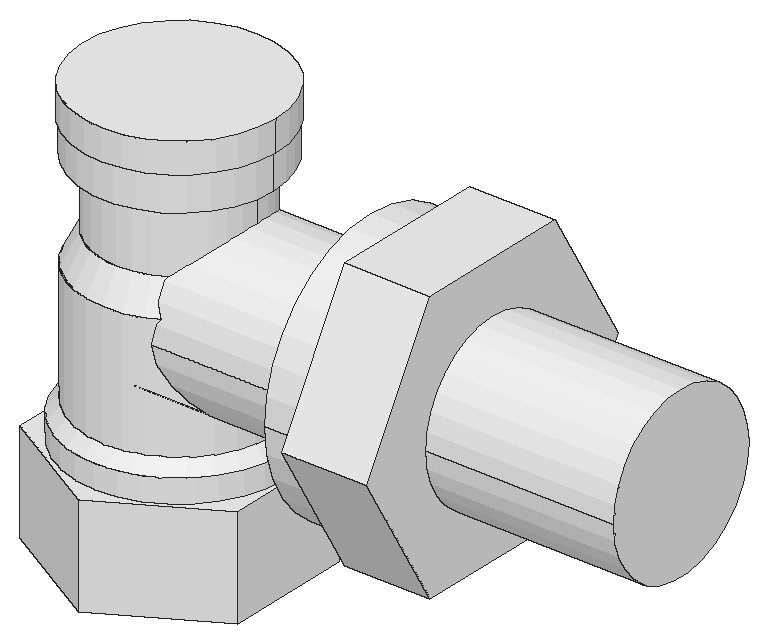
Revit family "1RLV-S_Angle_DN10-20_RFA", category Pipe Accessories, Revit 2019
Family settings
  Round Connector Dimension = Use Diameter
  Part Type = Valve - Breaks Into
  OmniClass Number = 23.65.55.14.17
  OmniClass Title = Adjusting/Controlling Valves for Liquid Services
  Work Plane-Based = No
  Always vertical = Yes
  Cut with Voids When Loaded = No
  Shared = No
Parameters (values of type "RLV-S_Angle_DN10_Internal_003L0121")
  self-sealing = if(and(V2 = 1.00 mm, LOD 350), 1 = 1, 1 = 0)  # no
  Weight = 0.13 kg
  WN2 = 15.59 mm
  WN1 = 12.53 mm
  W [instance] = 31.18 mm
  Valve Body Material = Danfoss Nickel Plated Brass
  URL = "https://store.danfoss.com/en/Climate-Solutions-for-heating/Radiator-Thermostats/Lockshield-Valves/Lockshield-valves/c/6169?q=%3Arelevance%3Adanfoss_producttypehierarchydesc%3ARLV-S%3Adanfoss_a223339155%3AA223_339155c03211b47bf5b5f35eba61e0fcb5e7bf%3Adanfoss_a50461501115_fts%3AA5046_150111582a2288245d249094b5396089516c12e&text="
  standard = if(and(V1 = 0.00 mm, LOD 350), 1 = 1, 1 = 0)  # yes
  SL = L1 + L2 + L6  # 31.20 mm
  R_200 = 12.50 mm
  RV_200 = 15.59 mm
  RV4 = 8.40 mm
  RV3 = 13.25 mm
  RV2 = 11.50 mm
  RV1 = 8.50 mm
  R2 = 9.40 mm
  R3_1 = 7.80 mm
  R3 = 9.40 mm
  R1 = 10.50 mm
  Pressure Drop [instance] = 0.0 Pa
  Model Type = "RLV-S_Angle_DN10_Internal"
  Model = "003L0121,003L0421"
  Max Operating Pressure = "10 bar"  # constant formula
  Max Medium Temperature = "120 °C"  # constant formula
  Manufacturer = "Danfoss"  # constant formula
  LOD 350 = not(LOD 200)  # yes
  LOD 200 = no
  L6 = 8.50 mm
  L4 = L1 + L3  # 19.10 mm
  L5 = 3.60 mm
  L3 = 2.10 mm
  L2 = 5.70 mm
  L1 = 17.00 mm
  Length = 50.00 mm
  L [instance] = 60.851 mm
  Kvs = 1.5 m³/h
  IfcExportType = "RLV-S"  # constant formula
  IfcExportAs = "IfcValveType"  # constant formula
  HT6 = HT4 + HT5  # 6.50 mm
  HT5 = 3.00 mm
  HT3 = 3.00 mm
  HT2 = 2.30 mm
  HT4 = 3.50 mm
  HB4 = 3.60 mm
  HB3 = 2.30 mm
  HB = 7.00 mm
  HB1 = 23.50 mm
  HB2 = 10.00 mm
  HT1 = 11.90 mm
  H [instance] = 41.90 mm
  Flow [instance] = 0.0 m³/h
  Description = "Lockshield Valve"  # constant formula
  DT2 = 19.30 mm
  DT = 18.90 mm
  W_Nut2 = WN2 * cos(30.00°)  # 13.501 mm
  W_Nut1 = WN1 * cos(30.00°)  # 10.851 mm
  V2 = 0.00 mm
  V1 = 0.00 mm
  D = 10.00 mm
  Connection = "Internal thread"  # constant formula
Types (6, lengths in mm): name | self-sealing | Weight | WN2 | WN1 | W | standard | SL | R_200 | RV_200 | RV4 | RV3 | RV2 | RV1 | R2 | R3_1 | R3 | R1 | Model Type | Model | L6 | L4 | L5 | L3 | L2 | L1 | Length | L | Kvs | HT3 | HT2 | HB4 | HB3 | HB | HB1 | HB2 | HT1 | H | DT2 | DT | W_Nut2 | W_Nut1 | V2 | V1 | D
  RLV-S_Angle_DN10_Internal_003L0121 | no | 0.13 kg | 15.59 | 12.53 | 31.18 | yes | 31.20 | 12.50 | 15.59 | 8.40 | 13.25 | 11.50 | 8.50 | 9.40 | 7.80 | 9.40 | 10.50 | "RLV-S_Angle_DN10_Internal" | "003L0121,003L0421" | 8.50 | 19.10 | 3.60 | 2.10 | 5.70 | 17.00 | 50.00 | 60.851 | 1.5 m³/h | 3.00 | 2.30 | 3.60 | 2.30 | 7.00 | 23.50 | 10.00 | 11.90 | 41.90 | 19.30 | 18.90 | 13.501 | 10.851 | 0.00 | 0.00 | 10.00
  RLV-S_Angle_DN15_Internal_003L0123 | no | 0.18 kg | 17.32 | 15.42 | 34.64 | yes | 36.30 | 15.50 | 17.30 | 10.50 | 14.80 | 13.10 | 10.60 | 9.50 | 9.50 | 9.50 | 12.50 | "RLV-S_Angle_DN15_Internal" | "003L0123,003L0423" | 10.00 | 22.60 | 3.70 | 3.00 | 6.70 | 19.60 | 57.50 | 70.854 | 2.2 m³/h | 3.00 | 14.50 | 9.40 | 6.10 | 8.00 | 27.50 | 10.70 | 18.70 | 52.70 | 22.40 | 22.00 | 15.00 | 13.354 | 0.00 | 0.00 | 15.00
  RLV-S_Angle_DN20_Internal_003L0125 | no | 0.27 kg | 21.21 | 18.30 | 42.42 | yes | 43.40 | 18.30 | 21.30 | 13.15 | 18.10 | 16.30 | 10.25 | 10.75 | 9.25 | 10.75 | 15.75 | "RLV-S_Angle_DN20_Internal" | "003L0125" | 14.00 | 25.40 | 4.00 | 5.00 | 9.00 | 20.40 | 65.90 | 81.748 | 2.2 m³/h | 2.50 | 6.00 | 14.75 | 6.00 | 7.00 | 30.50 | 11.50 | 14.30 | 51.30 | 22.40 | 22.00 | 18.368 | 15.848 | 0.00 | 0.00 | 20.00
  RLV-S_Angle_DN15_Internal_Metric thread_013G6297 | no | 0.20 kg | 17.15 | 15.42 | 34.30 | no | 37.00 | 15.50 | 17.10 | 10.50 | 13.10 | 12.50 | 10.25 | 10.40 | 9.25 | 10.40 | 13.25 | "RLV-S_Angle_DN15_Internal_Metric thread" | "013G6297" | 15.00 | 22.00 | 1.00 | 2.40 | 2.40 | 19.60 | 59.00 | 72.354 | 3.24 m³/h | 3.00 | 6.639 | 8.40 | 5.50 | 8.00 | 27.50 | 10.70 | 18.40 | 52.40 | 22.40 | 22.00 | 14.852 | 13.354 | 0.00 | 1.00 | 15.00
  RLV-S_Angle_DN10_Internal_Metric thread_013G6291 | no | 0.13 kg | 15.59 | 12.53 | 31.18 | no | 32.50 | 12.50 | 15.59 | 8.40 | 13.25 | 11.20 | 8.50 | 9.40 | 8.00 | 9.40 | 10.50 | "RLV-S_Angle_DN10_Internal_Metric thread" | "013G6291" | 13.50 | 19.00 | 3.60 | 2.00 | 2.00 | 17.00 | 50.50 | 61.351 | 1.92 m³/h | 1.60 | 1.50 | 2.60 | 1.00 | 7.00 | 23.50 | 11.70 | 11.60 | 41.60 | 19.30 | 18.90 | 13.501 | 10.851 | 0.00 | 1.00 | 10.00
  RLV-S_Angle_DN15_Internal_Self-sealing_003L0345 | yes | 0.21 kg | 17.32 | 15.42 | 34.64 | yes | 37.10 | 15.50 | 17.30 | 10.65 | 14.80 | 12.80 | 10.25 | 10.40 | 9.25 | 10.40 | 13.25 | "RLV-S_Angle_DN15_Internal_Self-sealing" | "003L0345" | 10.00 | 23.00 | 4.10 | 3.40 | 7.50 | 19.60 | 57.50 | 70.854 | 2.2 m³/h | 2.50 | 6.64 | 8.40 | 5.50 | 8.00 | 27.50 | 10.70 | 18.40 | 52.40 | 22.40 | 22.00 | 15.00 | 13.354 | 1.00 | 0.00 | 15.00
Reference planes
  plane 1 "Center (Front/Back)": y = 0
  plane 2 "XYPLANE": z = 0
  plane 3 "Center (Left/Right)": x = 0
  plane 4 "40": x = 50
  plane 5 "39": z = 0
  plane 6 "38": y = 0
  plane 7 "37": x = 0
  plane 8 "36": z = -23.5
  plane 9 "34": z = 11.9
  plane 10: z = -13.5
  plane 11: x = 17
  plane 12: x = 22.7
  plane 13: x = 31.2
  plane 14: z = 15.4
  plane 15: z = 2.3
  plane 16: z = 5.3
  plane 17: x = 19.1
Forms (mm)
  Extrusion 1, solid, material "Danfoss Nickel Plated Brass" <- "Valve Body Material", visible <- "LOD 350", detail levels fine
    sketch origin (50, -750, 0) x (0, 1, 0) y (0, 0, 1)
      loop
        line (734.41, 0) -> (742.205, -13.501) -> (757.795, -13.501) -> (765.59, 0) -> (757.795, 13.501) -> (742.205, 13.501) -> (734.41, 0)
    from -18.8 to -27.3
  Extrusion 2, solid, material "Danfoss Nickel Plated Brass" <- "Valve Body Material", visible <- "LOD 350", detail levels fine
    sketch origin (42, -750, 0) x (0, 1, 0) y (0, 0, 1)
      loop
        circle (750, 0) r 8.5
    from -25 to -42
  Extrusion 3, solid, material "Danfoss Nickel Plated Brass" <- "Valve Body Material", visible <- "LOD 350", detail levels fine
    sketch origin (-750, 0, 0) x (1, 0, 0) y (0, 1, 0)
      loop
        circle (750, 0) r 9.4
    from 2.3 to -13.5
  Extrusion 4, solid, material "Danfoss Nickel Plated Brass" <- "Valve Body Material", visible <- "LOD 350", detail levels fine
    sketch origin (-750, 0, -23.5) x (1, 0, 0) y (0, 1, 0)
      loop
        line (750, -12.53) -> (760.851, -6.265) -> (760.851, 6.265) -> (750, 12.53) -> (739.149, 6.265) -> (739.149, -6.265) -> (750, -12.53)
    from 0 to 10 <- "HB2"
  Extrusion 5, solid, material "Danfoss Nickel Plated Brass" <- "Valve Body Material", visible <- "LOD 350", detail levels fine
    sketch origin (-750, 0, 11.9) x (1, 0, 0) y (0, 1, 0)
      loop
        circle (750, 0) r 9.45
    from 0 to 3.5
  Extrusion 6, solid, material "Danfoss Nickel Plated Brass" <- "Valve Body Material", not visible, detail levels fine
    sketch origin (-750, 0, -23.5) x (1, 0, 0) y (0, 1, 0)
      loop
        circle (750, 0) r 10
    from 0 to 10
  Blend 7, solid, material "Danfoss Nickel Plated Brass" <- "Valve Body Material", visible <- "LOD 350", detail levels fine
    base sketch origin (42, -750, 0) x (0, 1, 0) y (0, 0, 1)
      loop
        circle (750, 0) r 8.5
    top sketch origin (42, -750, 0) x (0, 1, 0) y (0, 0, 1)
      loop
        circle (750, 0) r 11.5
    from -25 to -22.9
  Extrusion 8, solid, material "Danfoss Nickel Plated Brass" <- "Valve Body Material", detail levels fine
    sketch origin (42, -750, 0) x (0, 1, 0) y (0, 0, 1)
      loop
        circle (750, 0) r 8.4
    from -10.8 to 8
  Revolve 9, solid, material "Danfoss Nickel Plated Brass" <- "Valve Body Material", visible <- "LOD 350", detail levels fine
    sketch origin (0, 0, 0) x (1, 0, 0) y (0, 0, 1)
      loop
        line (-10.5, -13.5) -> (0, -13.5) -> (0, -9.9) -> (-9.4, -9.9) -> (-10.5, -11.2) -> (-10.5, -13.5)
      axis (0, -9.9) -> (0, -13.5)
    angle from 0 to 360
  Extrusion 10, solid, material "Danfoss Nickel Plated Brass" <- "Valve Body Material", visible <- "LOD 200", detail levels fine
    sketch origin (42, -750, 0) x (0, 1, 0) y (0, 0, 1)
      loop
        circle (750, 0) r 8.5
    from -42 to -19.3
  Extrusion 11, solid, material "Danfoss Nickel Plated Brass" <- "Valve Body Material", visible <- "LOD 200", detail levels fine
    sketch origin (42, -750, 0) x (0, 1, 0) y (0, 0, 1)
      loop
        circle (750, 0) r 15.59
    from -19.3 to -10.8
  Extrusion 12, solid, material "Danfoss Nickel Plated Brass" <- "Valve Body Material", visible <- "LOD 200", detail levels fine
    sketch origin (-750, 0, 28.9) x (1, 0, 0) y (0, 1, 0)
      loop
        circle (750, 0) r 12.5
    from -52.4 to -42.4
  Extrusion 13, solid, material "Danfoss Nickel Plated Brass" <- "Valve Body Material", visible <- "LOD 200", detail levels fine
    sketch origin (-750, 0, 28.9) x (1, 0, 0) y (0, 1, 0)
      loop
        circle (750, 0) r 9.4
    from -42.4 to -17
  Extrusion 14, solid, material "Danfoss Nickel Plated Brass" <- "Valve Body Material", visible <- "LOD 350", detail levels fine
    sketch origin (-750, 0, -224.8) x (1, 0, 0) y (0, 1, 0)
      loop
        circle (750, 0) r 9.65
    from 240.2 to 243.2
  Blend 15, solid, material "Danfoss Nickel Plated Brass" <- "Valve Body Material", visible <- "LOD 350", detail levels fine
    base sketch origin (-750, 0, 28.9) x (1, 0, 0) y (0, 1, 0)
      loop
        circle (750, 0) r 9.4
    top sketch origin (-750, 0, 28.9) x (1, 0, 0) y (0, 1, 0)
      loop
        circle (750, 0) r 7.8
    from -26.6 to -23.6
  Extrusion 16, solid, material "Danfoss Nickel Plated Brass" <- "Valve Body Material", visible <- "LOD 350", detail levels fine
    sketch origin (-750, 0, 28.9) x (1, 0, 0) y (0, 1, 0)
      loop
        circle (750, 0) r 7.8
    from -23.6 to -17
  Extrusion 17, solid, material "Danfoss Nickel Plated Brass" <- "Valve Body Material", visible <- "standard", detail levels fine
    sketch origin (0, 0, 0) x (0, 1, 0) y (0, 0, 1)
      loop
        circle (0, 0) r 13.25
    from 19.1 to 22.7
  Revolve 18, solid, material "Danfoss Nickel Plated Brass" <- "Valve Body Material", visible <- "self-sealing", detail levels fine
    sketch origin (0, 0, 0) x (1, 0, 0) y (0, 0, 1)
      loop
        line (34.6, 12.75) -> (34.6, 0) -> (42.781, 0) -> (42.781, 12.75) -> (34.6, 12.75)
      axis (34.6, 0) -> (42.781, 0)
    angle from 0 to 360
  Extrusion 19, solid, material "Danfoss Nickel Plated Brass" <- "Valve Body Material", visible <- "LOD 200", detail levels fine
    sketch origin (-750, 0, 28.9) x (1, 0, 0) y (0, 1, 0)
      loop
        circle (750, 0) r 9.65
    from -17 to -10.5
Lines and regions (mm)
  reference lines, not visible
    curve 1: circle (2, 2, 0) r 1 normal (0, 0, 1)
  reference lines
    curve 2: line (50, 0, 0) -> (50, 3.375, -5.846)
    curve 3: line (50, 0, 0) -> (50, 6.75, 0)
    curve 4: line (50, 0, 0) -> (50, 3.375, 5.846)
    curve 5: line (0, 0, -23.5) -> (4.763, 2.75, -23.5)
    curve 6: line (0, 0, -23.5) -> (0, 5.5, -23.5)
    curve 7: line (0, 0, -23.5) -> (-4.763, 2.75, -23.5)
Dimensions and locks
  plane 1 "Center (Front/Back)" to curve 1 = 2.00 mm
  "Length": plane 3 "Center (Left/Right)" to plane 4 "40"
  locked: plane 2 "XYPLANE" to plane 5 "39"
  locked: plane 1 "Center (Front/Back)" to plane 6 "38"
  locked: plane 3 "Center (Left/Right)" to plane 7 "37"
  "HB1": plane 2 "XYPLANE" to plane 8 "36"
  "HT1": plane 2 "XYPLANE" to plane 9 "34"
  "W_Nut2": curve 2 to Extrusion 1 sketch curve  (x2)
  "W_Nut2": curve 3 to Extrusion 1 sketch curve  (x2)
  "W_Nut2": curve 4 to Extrusion 1 sketch curve  (x2)
  "W_Nut1": curve 5 to Extrusion 4 sketch curve  (x2)
  "W_Nut1": curve 6 to Extrusion 4 sketch curve  (x2)
  "W_Nut1": curve 7 to Extrusion 4 sketch curve  (x2)
  "HB2": plane 10 to plane 8 "36"
  "L6": plane 13 to plane 12
  "L1": plane 11 to plane 3 "Center (Left/Right)"
  "R2": Revolve 9 sketch curve to Revolve 9 sketch curve
  "R1": plane 3 "Center (Left/Right)" to Revolve 9 sketch curve
  "HT4": plane 14 to plane 9 "34"
  plane 4 "40" to plane 3 "Center (Left/Right)" = 50.00 mm
  "HB4": Revolve 9 sketch curve to plane 10
  "HB3": Revolve 9 sketch curve to plane 10
  "L": Extrusion 4 to plane 4 "40"
  "HT5": Extrusion 14 to plane 14
  Extrusion 1 to Extrusion 1 = 27.003 mm
  "HT2": plane 15 to level
  "HT3": plane 16 to plane 15
  "L2": plane 12 to plane 11
  "L4": plane 17 to plane 3 "Center (Left/Right)"
  "L5": plane 17 to Extrusion 17
  "L3": Blend 7 to plane 11
  Revolve 18 sketch curve to plane 13 = 3.40 mm
  Revolve 18 sketch curve to plane 13 = 11.581 mm
  Revolve 18 sketch curve to level = 12.75 mm
  "HT6": Extrusion 19 to plane 9 "34"
  plane 13 to plane 3 "Center (Left/Right)" = 31.20 mm
  "W": Extrusion 1 to Extrusion 1
  "H": Extrusion 14 to plane 8 "36"
  "RV1": radius of Extrusion 2 sketch curve
  "DT": diameter of Extrusion 5 sketch curve
  "RV1": radius of Blend 7 sketch curve
  "RV2": radius of Blend 7 sketch curve
  "R3": radius of Extrusion 3 sketch curve
  "RV4": radius of Extrusion 8 sketch curve
  "RV1": radius of Extrusion 10 sketch curve
  "RV_200": radius of Extrusion 11 sketch curve
  "R_200": radius of Extrusion 12 sketch curve
  "R3": radius of Extrusion 13 sketch curve
  "DT2": diameter of Extrusion 14 sketch curve
  "R3": radius of Blend 15 sketch curve
  "R3_1": radius of Blend 15 sketch curve
  "R3_1": radius of Extrusion 16 sketch curve
  "RV3": radius of Extrusion 17 sketch curve
  "DT2": diameter of Extrusion 19 sketch curve
  locked: curve 3 to curve 2 (angle 60.00°)
  locked: curve 4 to curve 3 (angle 60.00°)
  locked: curve 4 to curve 2 (angle 120.00°)
  locked: curve 6 to curve 5 (angle 60.00°)
  locked: curve 7 to curve 6 (angle 60.00°)
  locked: curve 7 to curve 5 (angle 120.00°)
  aligned and locked: level to plane 2 "XYPLANE"
  aligned and locked: plane 5 "39" to curve 4
  aligned and locked: curve 4 to plane 6 "38"
  aligned and locked: plane 5 "39" to Extrusion 2 sketch curve
  aligned and locked: Extrusion 2 sketch curve to plane 6 "38"
  aligned and locked: plane 6 "38" to curve 7
  aligned and locked: plane 7 "37" to curve 7
  aligned and locked: plane 6 "38" to Extrusion 5 sketch curve
  aligned and locked: plane 7 "37" to Extrusion 5 sketch curve
  aligned and locked: plane 6 "38" to Extrusion 6 sketch curve
  aligned and locked: plane 7 "37" to Extrusion 6 sketch curve
  aligned and locked: Extrusion 2 to plane 3 "Center (Left/Right)"
  aligned and locked: plane 11 to Extrusion 2
  aligned and locked: Extrusion 1 to plane 12
  aligned and locked: plane 13 to Extrusion 1
  aligned and locked: plane 1 "Center (Front/Back)" to Blend 7 sketch curve  (x2)
  aligned and locked: level to Blend 7 sketch curve  (x2)
  aligned and locked: Blend 7 to plane 11
  aligned and locked: plane 1 "Center (Front/Back)" to Extrusion 3 sketch curve
  aligned and locked: plane 3 "Center (Left/Right)" to Extrusion 3 sketch curve
  aligned and locked: plane 1 "Center (Front/Back)" to Extrusion 8 sketch curve
  aligned and locked: level to Extrusion 8 sketch curve
  aligned and locked: Extrusion 8 to plane 13
  aligned and locked: Extrusion 8 to plane 4 "40"
  aligned and locked: Extrusion 3 to plane 10
  aligned and locked: plane 14 to Extrusion 5
  aligned and locked: Revolve 9 sketch curve to plane 3 "Center (Left/Right)"  (x2)
  aligned and locked: Revolve 9 sketch curve to plane 10
  aligned and locked: plane 1 "Center (Front/Back)" to Extrusion 10 sketch curve
  aligned and locked: level to Extrusion 10 sketch curve
  aligned and locked: Extrusion 10 to plane 3 "Center (Left/Right)"
  aligned and locked: plane 12 to Extrusion 10
  aligned and locked: plane 1 "Center (Front/Back)" to Extrusion 11 sketch curve
  aligned and locked: level to Extrusion 11 sketch curve
  aligned and locked: Extrusion 11 to plane 12
  aligned and locked: plane 13 to Extrusion 11
  aligned and locked: plane 7 "37" to Extrusion 12 sketch curve
  aligned and locked: plane 6 "38" to Extrusion 12 sketch curve
  aligned and locked: Extrusion 12 to plane 8 "36"
  aligned and locked: plane 10 to Extrusion 12
  aligned and locked: plane 6 "38" to Extrusion 13 sketch curve
  aligned and locked: plane 7 "37" to Extrusion 13 sketch curve
  aligned and locked: Extrusion 13 to plane 10
  aligned and locked: plane 9 "34" to Extrusion 13
  aligned and locked: plane 3 "Center (Left/Right)" to nested 1
  aligned and locked: nested 1 to plane 6 "38"
  aligned and locked: plane 3 "Center (Left/Right)" to Extrusion 14 sketch curve
  aligned and locked: plane 1 "Center (Front/Back)" to Extrusion 14 sketch curve
  aligned and locked: Extrusion 14 to plane 14
  aligned and locked: plane 15 to Extrusion 3
  aligned and locked: Blend 15 to plane 15
  aligned and locked: plane 16 to Blend 15
  aligned and locked: Extrusion 16 to plane 16
  aligned and locked: plane 9 "34" to Extrusion 16
  aligned and locked: plane 1 "Center (Front/Back)" to Extrusion 17 sketch curve
  aligned and locked: level to Extrusion 17 sketch curve
  aligned and locked: plane 17 to Extrusion 17
  aligned and locked: plane 3 "Center (Left/Right)" to Extrusion 19 sketch curve
  aligned and locked: plane 1 "Center (Front/Back)" to Extrusion 19 sketch curve
  aligned and locked: Extrusion 19 to plane 9 "34"
  aligned and locked: nested 1 to level
Automatic sketch dimensions
  plane 1 "Center (Front/Back)" to Extrusion 6 sketch curve = 10.00 mm
  plane 3 "Center (Left/Right)" to curve 1 = 2.00 mm
  level to Revolve 18 sketch curve = 0.00 mm  (x2)
  Revolve 18 sketch curve to Revolve 18 sketch curve = 3.402 mm
  Revolve 18 sketch curve to Revolve 18 sketch curve = 8.817 mm
  Revolve 9 sketch curve to plane 8 "36" = 305.545 mm
  plane 14 to Revolve 9 sketch curve = 2183.015 mm
  plane 1 "Center (Front/Back)" to Blend 15 sketch curve = 0.00 mm  (x2)
  Blend 15 sketch curve to plane 3 "Center (Left/Right)" = 0.00 mm  (x2)
  plane 1 "Center (Front/Back)" to Extrusion 16 sketch curve = 0.00 mm
  Extrusion 16 sketch curve to plane 3 "Center (Left/Right)" = 0.00 mm
  radius of curve 1 = 1.00 mm
Nested families
  nested 1: "Schematic_Lockshield Valve_Angle" at (0, 0, 0), type "Schematic_Lockshield Valve_Angle", detail levels coarse+medium
Connectors
  piping at (31.2, 0, 0), diameter 10, driven by "D", driven by "Flow"
    settings: on Extrusion 1, index 1, connector inside diameter 609.6 mm, connector length 0.00 mm, flow factor 0, pipe flow 0.0 m³/h, pressure drop 0.0 Pa, fitting loss kfactor 0, connector angle 0.00°, fixture units 0, engagement length 0.00 mm, angle of deflection 0.00°, flow configuration 0, flow direction 1, fitting loss method 0, system type 29, joint type 0, gender type 0, connector reference index 2, connector utility 0, adjustable connector no, is connector primary yes, connector description ""
  piping at (0, 0, -23.5), diameter 10, driven by "D", driven by "Flow"
    settings: on Extrusion 4, index 2, connector inside diameter 609.6 mm, connector length 0.00 mm, flow factor 0, pipe flow 0.0 m³/h, pressure drop 0.0 Pa, fitting loss kfactor 0, connector angle 0.00°, fixture units 0, engagement length 0.00 mm, angle of deflection 0.00°, flow configuration 0, flow direction 2, fitting loss method 0, system type 29, joint type 0, gender type 0, connector reference index 1, connector utility 0, adjustable connector no, is connector primary no, connector description ""
Definition of nested family "Schematic_Lockshield Valve_Angle"
  Parameters (values of type "Schematic_Lockshield Valve_Angle")
    R1 = 8.50 mm
    L1 = 17.00 mm
    L = 34.182 mm
    HB = 31.03 mm
    H1 = 17.00 mm
  Reference planes
    plane 1 "Center (Front/Back)": y = 0
    plane 2: z = 0
    plane 3 "Center (Left/Right)": x = 0
    plane 4: x = 17
    plane 5: y = 8.5
    plane 6: y = -8.5
    plane 7: x = 8.5
    plane 8: x = -8.5
    plane 9: z = -17
    plane 10: z = 8.5
    plane 11: z = -8.5
    plane 12: z = -31.03
    plane 13: x = 34.182
  Lines and regions (mm)
    model lines
      curve 1: line (0, 0, 0) -> (-8.5, 0, -17)
      curve 2: line (-8.5, 0, -17) -> (8.5, 0, -17)
      curve 3: line (8.5, 0, -17) -> (0, 0, 0)
      curve 4: line (0, 0, 0) -> (17, 0, 8.5)
      curve 5: line (17, 0, 8.5) -> (17, 0, -8.5)
      curve 6: line (17, 0, -8.5) -> (0, 0, 0)
      curve 10: line (0, 0, -17) -> (0, 0, -31.03)
      curve 11: line (17, 0, 0) -> (34.182, 0, 0)
    symbolic lines
      curve 7: line (0, 0, 0) -> (17, 8.5, 0)
      curve 8: line (17, 8.5, 0) -> (17, -8.5, 0)
      curve 9: line (17, -8.5, 0) -> (0, 0, 0)
      curve 12: line (17, 0, 0) -> (34.182, 0, 0)
      curve 13: line (0, 0, 0) -> (0, 8.5, -17)
      curve 14: line (0, 8.5, -17) -> (0, -8.5, -17)
      curve 15: line (0, -8.5, -17) -> (0, 0, 0)
      curve 16: line (0, 0, -31.03) -> (0, 0, -17)
  Dimensions and locks
    "L1": plane 3 "Center (Left/Right)" to plane 4
    equal spacing: plane 8, plane 3 "Center (Left/Right)", plane 7
    equal spacing: plane 6, plane 1 "Center (Front/Back)", plane 5
    equal spacing: plane 10, level, plane 11
    "H1": level to plane 9
    "R1": plane 1 "Center (Front/Back)" to plane 5
    "R1": plane 3 "Center (Left/Right)" to plane 7
    "R1": plane 10 to level
    "HB": level to plane 12
    "L": plane 13 to plane 3 "Center (Left/Right)"
    level to plane 12 = 31.03 mm
    aligned and locked: level to plane 2
    aligned and locked: curve 10 to plane 3 "Center (Left/Right)"
    aligned and locked: plane 9 to curve 10
    aligned and locked: plane 12 to curve 10
    aligned and locked: plane 13 to curve 11
    aligned and locked: curve 11 to level
    aligned and locked: plane 4 to curve 11
    aligned and locked: plane 1 "Center (Front/Back)" to curve 12
    aligned and locked: plane 4 to curve 12
    aligned and locked: plane 13 to curve 12
    aligned and locked: plane 1 "Center (Front/Back)" to curve 16
    aligned and locked: plane 9 to curve 16
    aligned and locked: plane 12 to curve 16
  Automatic sketch dimensions
    curve 1 to plane 8 = 0.00 mm
    curve 1 to level = 0.00 mm
    curve 1 to plane 3 "Center (Left/Right)" = 0.00 mm
    curve 3 to plane 7 = 0.00 mm
    plane 1 "Center (Front/Back)" to curve 9 = 0.00 mm
    curve 9 to plane 3 "Center (Left/Right)" = 0.00 mm
    plane 6 to curve 8 = 0.00 mm
    plane 5 to curve 8 = 0.00 mm
    curve 14 to plane 6 = 0.00 mm
    curve 15 to level = 0.00 mm
    curve 15 to plane 1 "Center (Front/Back)" = 0.00 mm
    curve 14 to plane 5 = 0.00 mm
